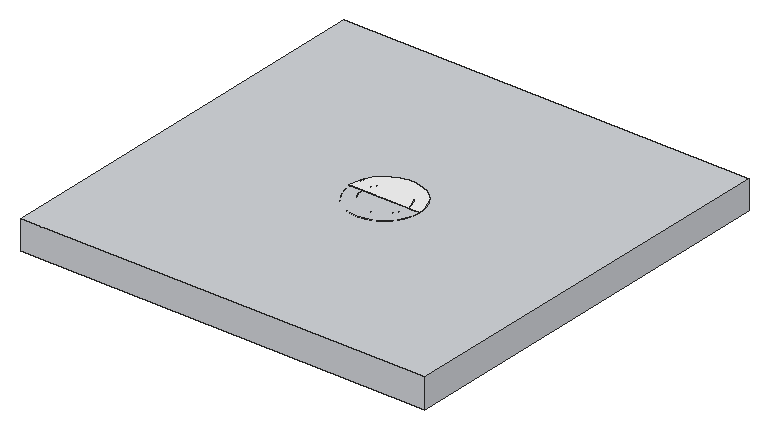
Revit family
Parameters (values of type "2"")
  WFU = 0
  URL = "WWW.MIFAB.COM"
  Top Assembly Radius = 8.375"
  Top Assembly Diameter = Top Assembly Radius * 2  # 16.750"
  Strainer Adjustment [instance] = 2.250"
  Pipe Radius = 1.000"
  Pipe Diameter = Pipe Radius * 2  # 2.000"
  Model = "F1360-TFB"
  Manufacturer = "MIFAB"
  Floor Drain Material = Paint - Sherwin Williams Paint - #952C2A - Bellwood Red
  Description = "AREA DRAIN W/16\" ROUND ADJ. HEAVY DUTY TRACTOR GRATE MOUNTED IN TRUE FIT BUCKET"
  Default Elevation = 0.000"
  Body Height = 6.125"
  Assembly Code = ""
Types (7): name | Pipe Radius | Pipe Diameter | Body Height
  (no name) | 1.000" | 2.000" | 6.125"
  2" | 1.000" | 2.000" | 6.125"
  3" | 1.500" | 3.000" | 6.125"
  4" | 2.000" | 4.000" | 6.125"
  5" | 2.500" | 5.000" | 6.125"
  6" | 3.000" | 6.000" | 8.000"
  8" | 4.000" | 8.000" | 8.000"
Reference planes (in)
  plane 1 "Center (Front/Back)": y = 0
  plane 2: z = 0
  plane 3 "Center (Left/Right)": x = 0
  plane 4: x = -8.375
  plane 5: x = 8.375
  plane 6: z = -8.375
  plane 7: x = 1
  plane 8: x = -1
  plane 9: z = -6.875
  plane 10: z = -2.25
  plane 11: x = -4
Forms (in)
  Extrusion 1, solid
    sketch origin (0, 0, 0) x (1, 0, 0) y (0, 1, 0)
      loop
        line (-48, 48) -> (-48, -48) -> (48, -48) -> (48, 48) -> (-48, 48)
    from 0 to -6.875
  Revolve 2, solid, material "Paint - Sherwin Williams Paint - #952C2A - Bellwood Red" <- "Floor Drain Material"
    sketch origin (0, 0, 0) x (1, 0, 0) y (0, 0, 1)
      loop
        line (-8.375, 0) -> (-8.375, -1.03125) -> (-7.43214, -1.03125) -> (-5.25, -1.75603) -> (-5.25, -2.25) -> (-4.5625, -2.25) -> (-4.5625, -1.75) -> (-5, -1.75) -> (-5, -1.41767) -> (-7.35321, -0.87425) -> (-8.218, -0.87425) -> (-8.218, -0.157) -> (-5.50607, -0.157) -> (-5.50607, -1.03125) -> (-4.22447, -1.03125) -> (-3.63672, -3.08097) -> (0, -3.08097) -> (0, -2.92349) -> (-3.51855, -2.92349) -> (-4.10595, -0.875) -> (-5.25, -0.875) -> (-5.25, -0.157) -> (0, -0.157) -> (0, 0) -> (-8.375, 0)
      axis (0, 0) -> (0, -3.08097)
    angle from 0 to 360
  Revolve 3, solid, material "Paint - Sherwin Williams Paint - #952C2A - Bellwood Red" <- "Floor Drain Material"
    sketch origin (0, 0, 0) x (1, 0, 0) y (0, 0, 1)
      loop
        line (3.75, -2.25) -> (3.75, -2.4) -> (4.32919, -2.4) -> (4.11268, -6.725) -> (1, -6.725) -> (1, -8.375) -> (1.15, -8.375) -> (1.15, -6.875) -> (4.25753, -6.875) -> (4.47928, -2.4) -> (5.25, -2.4) -> (5.25, -2.25) -> (3.75, -2.25)
      axis (0, -8.375) -> (0, -2.25)
    angle from 0 to 360
Lines and regions (in)
  symbolic lines
    curve 1: circle (0, 0, 0) r 8.375 normal (0, 0, 1)
Dimensions and locks (in)
  "Strainer Adjustment": Extrusion 1 to plane 10
  "Body Height": plane 10 to plane 6
  Revolve 2 sketch curve to plane 3 "Center (Left/Right)" = 5.250"
  equal spacing: plane 8, plane 3 "Center (Left/Right)", plane 7
  "Pipe Radius": plane 7 to plane 3 "Center (Left/Right)"
  locked: plane 9 to plane 6 at 1.5
  plane 3 "Center (Left/Right)" to Revolve 2 sketch curve to Revolve 2 sketch curve = 3.51855", 0.11817" locked
  equal spacing: plane 5, plane 3 "Center (Left/Right)", plane 4
  plane 10 to Revolve 3 sketch curve = 0.150"
  Revolve 3 sketch curve to Revolve 3 sketch curve = 0.150"  (x2)
  Revolve 3 sketch curve to Revolve 3 sketch curve to plane 3 "Center (Left/Right)" = 0.14485", 4.11268"
  Revolve 3 sketch curve to Revolve 3 sketch curve to Revolve 3 sketch curve to Revolve 3 sketch curve to plane 3 "Center (Left/Right)" = 0.77072", 0.15009", 0.57919", 3.750"
  plane 3 "Center (Left/Right)" to Revolve 2 sketch curve = 5.250"
  Revolve 2 sketch curve to Revolve 2 sketch curve = 0.25607"
  Revolve 2 sketch curve to plane 10 = 0.500"
  "Top Assembly Diameter": plane 5 to plane 4
  aligned and locked: plane 2 to Extrusion 1
  aligned and locked: level to Extrusion 1
  aligned and locked: Revolve 2 sketch curve to plane 3 "Center (Left/Right)"
  aligned and locked: Revolve 2 sketch curve to plane 4
  aligned and locked: Extrusion 1 to Revolve 2 sketch curve
  aligned and locked: Revolve 3 sketch curve to plane 6
  aligned and locked: plane 3 "Center (Left/Right)" to Revolve 3 sketch curve
  aligned and locked: Revolve 3 sketch curve to Revolve 3 sketch curve
  aligned and locked: Revolve 3 sketch curve to plane 9
  aligned and locked: plane 3 "Center (Left/Right)" to Revolve 2 sketch curve  (x2)
  aligned and locked: Revolve 3 sketch curve to plane 10
  aligned and locked: Revolve 2 sketch curve to Revolve 2 sketch curve
Automatic sketch dimensions
  Extrusion 1 sketch curve to Extrusion 1 sketch curve = 96.000"  (x2)
  level to Revolve 3 sketch curve = 1.000"
  Revolve 3 sketch curve to Revolve 3 sketch curve = 1.750"
  Revolve 3 sketch curve to plane 7 = 0.000"
  Revolve 2 sketch curve to plane 10 = 0.000"
  plane 4 to Revolve 2 sketch curve = 0.157"
  Revolve 2 sketch curve to Revolve 2 sketch curve = 0.78586"
  Revolve 2 sketch curve to Revolve 2 sketch curve = 0.07893"
  Revolve 2 sketch curve to Revolve 2 sketch curve = 0.250"
  plane 11 to Revolve 2 sketch curve = 0.5625"
  plane 11 to Revolve 2 sketch curve = 0.22447"
  plane 11 to Revolve 2 sketch curve = 0.10595"
  Revolve 2 sketch curve to plane 10 = 0.67349"
  Revolve 2 sketch curve to Revolve 2 sketch curve = 0.15748"
  Revolve 2 sketch curve to Revolve 2 sketch curve = 0.00603"
  Revolve 2 sketch curve to Revolve 2 sketch curve = 0.33233"
  Revolve 2 sketch curve to Revolve 2 sketch curve = 0.71875"
  Revolve 2 sketch curve to level = 1.03125"
  Revolve 2 sketch curve to Revolve 2 sketch curve = 0.15625"
  Revolve 2 sketch curve to Revolve 2 sketch curve = 0.157"
  Revolve 2 sketch curve to level = 0.157"
  Revolve 2 sketch curve to Revolve 2 sketch curve = 0.1359"
  Revolve 2 sketch curve to Revolve 2 sketch curve = 1.750"
  plane 1 "Center (Front/Back)" to curve 1 = 0.000"
  curve 1 to plane 3 "Center (Left/Right)" = 0.000"
  radius of curve 1 = 8.375"
Connectors (in)
  piping at (0, 0, -8.375), driven by "Pipe Radius", driven by "WFU"
    settings: on Revolve 3, index 1, connector radius 1", flow factor 0, pipe flow 0 GPM, pressure drop 0.00 psi, fitting loss kfactor 0, connector angle 0.00°, fixture units 0, flow configuration 3, flow direction 2, fitting loss method 0, system type 16, connector reference index -1, connector utility 0, adjustable connector no, is connector primary yes, fitting loss table "", connector description "Sanitary Out"
